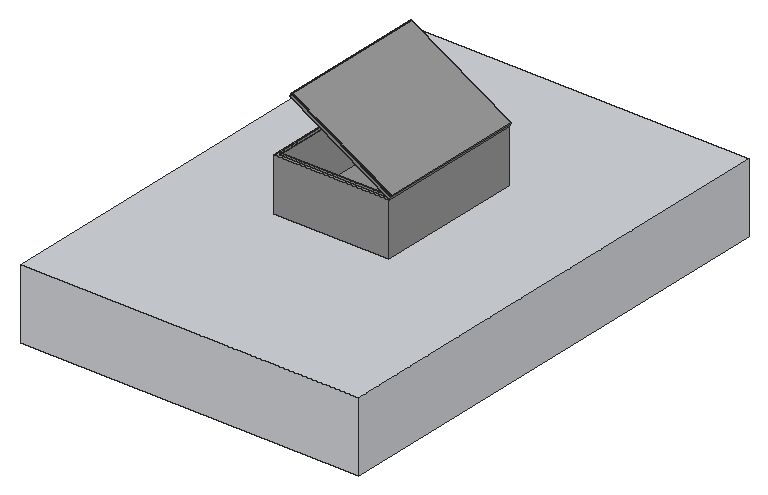
Revit family "Hager-Orion_Inox-IP65-D250-Cl.I-Inox_encl-630A-650mm-IT-it", category Equipement électrique, Revit 2020
Family settings
  Hôte = Face
  Configuration du panneau = Deux colonnes, circuits au sein
  Cote de connecteur circulaire = Utiliser le diamètre
  Type d'élément = Tableau de raccordement
  Couper avec des vides une fois chargée = Non
  Partagée = Non
  Point de calcul de pièce = Non
Parameters (values of type "incassato IP65 L500 A650 P250  - FL721BW")
  Width Control [instance] = if([EF000008 - Larghezza] > Min Width, [EF000008 - Larghezza], Min Width)  # 500 mm
  Commentaires du type = [HG000003 - Gamma]  # "Orion Inox"
  Thickness Door [instance] = if([EF009171 - spessore materiale porta/coperchio] > 3 mm, 3 mm, [EF009171 - spessore materiale porta/coperchio])  # 1.5 mm
  Seal Frame Offset [instance] = 17 mm  # constant formula
  Model = ""
  Min Width [instance] = 100 mm  # constant formula
  Min Height [instance] = 100 mm  # constant formula
  Min Depth [instance] = (2 * [EF009170 - spessore materiale scatola]) + 1 mm  # 3.4 mm
  Internal Frame Depth [instance] = (Door System Depth * 0.5)  # 9 mm
  Height Control [instance] = if([EF000040 - Altezza] > Min Height, [EF000040 - Altezza], Min Height)  # 650 mm
  HG000027 - Altezza dello zoccolo = 0 mm
  HG000026 - A pavimento = no
  HG000024 - Altezza della sezione inferiore = 800 mm
  HG000023 - Custodia a doppia sezione = no
  HG000016 - Visibilità delle porte nella vista 3D [instance] = yes
  HG000015 - Visibilità attraverso la porta [instance] = no
  HG000014 - Porta destra [instance] = yes
  HG000013 - Porta sinistra [instance] = not([HG000014 - Porta destra])  # no
  HG000012 - Angolo di apertura della porta [instance] = 30.00°
  HG000010 - Porte asimmetriche = no
  HG000009 - Porta doppia a battente = no
  HG000006 - Ad incasso = yes
  HG000004 - Codice produttore = "FL721BW"
  HG000003 - Gamma = "Orion Inox"
  HG000002 - Con porta = yes
  Frame Offset Bottom [instance] = 10 mm  # constant formula
  Frame Offset [instance] = 15 mm  # constant formula
  EF015940 - Coprire con rilascio di sovrapressione = no
  EF011959 - tipo di protezione (NEMA) = ""
  EF009554 - numero delle aperture per la piastra della flangia = 2
  Fabricant = "Hager"  # constant formula
  EF009212 - esecuzione coperchio = "EV009916 - con taglio"
  EF009171 - spessore materiale porta/coperchio = 1.5 mm
  EF009170 - spessore materiale scatola = 1.2 mm
  EF008873 - corrente nominale (In) = 630 A
  EF007800 - adatto per parafulmine = no
  EF006306 - con serratura = yes
  EF006244 - coperchio/porta trasparente = no
  EF005474 - grado di protezione (IP) = "EV006421 - IP65"
  EF004464 - tipo di porta = "EV002646 - singolo"
  EF004427 - numero di moduli = 0
  EF004293 - resistenza agli urti = "EV008784 - IK10"
  EF003532 - adatto per uso esterno = yes
  EF002950 - Numero moduli DIN = 0
  EF001613 - Integrità del circuito = ""
  EF001596 - Attacco Lampada = "EV000166 - acciaio inossidabile"
  EF001131 - profondità interna = 250 mm
  EF001088 - possibilità di applicazione = no
  EF000437 - numero di ingressi per conduttori = 2
  EF000339 - tipo di copertura = "EV004216 - porta"
  EF000266 - numero di file = 0
  EF000218 - profondità di incasso = 0 mm
  EF000118 - con piastra di montaggio = yes
  EF000116 - numero RAL = ""
  EF000049 - profondità = 250 mm
  EF000040 - Altezza = 650 mm
  EF000008 - Larghezza = 500 mm
  EF000007 - colore = "EV000154 - altri"
  EF000003 - Tipo di montaggio = "EV001247 - apparente/incassato"
  Door System Leaf Tolerance [instance] = 1.5 mm  # constant formula
  Door System Depth [instance] = 18 mm  # constant formula
  Depth Control [instance] = if([EF000049 - profondità] > Min Depth, [EF000049 - profondità], Min Depth)  # 250 mm
  Default Elevation = 0 mm
Types (2, lengths in mm): name | HG000006 - Ad incasso
  apparente IP65 L500 A650 P250  - FL721BW | no
  incassato IP65 L500 A650 P250  - FL721BW | yes
Reference planes
  plane 1 "Center (Front/Back)": y = 0
  plane 2: z = 0
  plane 3 "Center (Left/Right)": x = 0
  plane 4: z = 250
  plane 5: y = 1.2
  plane 6: y = 325
  plane 7: y = 0
  plane 8: y = 650
  plane 9: z = 0
  plane 10: x = -235
  plane 11: x = 235
  plane 12: x = 233.8
  plane 13: x = -233.8
  plane 14: y = 648.8
  plane 15: x = -233
  plane 16: x = -250
  plane 17: x = 233
  plane 18: x = 250
  plane 19: x = 248.8
  plane 20: x = -248.8
  plane 21: y = 11.2
  plane 22: y = 650
  plane 23: y = 633.8
  plane 24: z = 232
  plane 25: z = 1.2
  plane 26: z = 230.8
  plane 27: z = 248.8
Forms (mm)
  Extrusion 1, solid
    sketch origin (0, 0, 0) x (1, 0, 0) y (0, 1, 0)
      loop
        line (-702.964, 1305) -> (-702.964, -811.445) -> (766.763, -811.445) -> (766.763, 1305) -> (-702.964, 1305)
    from 0 to -304.8
  Extrusion 2, solid, material "Hager_Stainless_Steel", detail levels medium+fine
    sketch origin (0, 0, 0) x (1, 0, 0) y (0, 1, 0)
      loop
        line (-250, 0) -> (250, 0) -> (250, 650) -> (-250, 650) -> (-250, 0)
    from 0 to 232
  Extrusion 3, solid, material "Hager_Steel_RAL 7035_Light_Grey", not visible, detail levels medium+fine
    sketch origin (0, 28.16, 50.802) x (0, 1, 0) y (0, 0, 1)
      loop
        line (348.34, -50.802) -> (348.34, 187.998)
        arc (348.34, 187.998) -> (345.411, 195.069) -> (338.34, 197.998) r 10
        line (338.34, 197.998) -> (308.34, 197.998) -> (308.34, -50.802) -> (348.34, -50.802)
    from -248.8 to 248.8
  Extrusion 4, void
    sketch origin (0, 0, 0) x (1, 0, 0) y (0, 1, 0)
      loop
        line (-248.8, 1.2) -> (248.8, 1.2) -> (248.8, 648.8) -> (-248.8, 648.8) -> (-248.8, 1.2)
    from 1.2 to 230.8
  Extrusion 5, void
    sketch origin (-381.607, -4572, 232) x (0, -1, 0) y (-1, 0, 0)
      loop
        line (-4583.2, -147.807) -> (-5205.8, -147.807) -> (-5205.8, -615.407) -> (-4583.2, -615.407) -> (-4583.2, -147.807)
    from 0 to 1.2 <- "EF009170 - spessore materiale scatola"
  Extrusion 6, solid, material "Hager_Stainless_Steel", detail levels fine
    sketch origin (-381.607, -4572, 232) x (-1, 0, 0) y (0, -1, 0)
      loop
        line (-147.807, -4583.2) -> (-615.407, -4583.2) -> (-615.407, -5205.8) -> (-147.807, -5205.8) -> (-147.807, -4583.2)
      loop
        line (-147.107, -4581.7) -> (-616.107, -4581.7) -> (-616.107, -5207.3) -> (-147.107, -5207.3) -> (-147.107, -4581.7)
    from 0 to 9 <- "Internal Frame Depth"
  Extrusion 7, solid, material "Hager_Stainless_Steel", detail levels coarse
    sketch origin (0, 0, 0) x (1, 0, 0) y (0, 1, 0)
      loop
        line (-250, 0) -> (250, 0) -> (250, 650) -> (-250, 650) -> (-250, 0)
    from 0 to 250
Cuts and joins
  Extrusion 4, Extrusion 5 cuts Extrusion 2
Lines and regions (mm)
  Masking region 1
    outline origin (0, 0, 0) x (1, 0, 0) y (0, 0, 1)
      loop
        line (-250, 250) -> (-250, 0) -> (250, 0) -> (250, 250) -> (-250, 250)
  Masking region 2, detail levels medium+fine
    outline origin (0, 140, 0) x (0, 1, 0) y (0, 0, 1)
      loop
        line (-140, 0) -> (510, 0) -> (510, 232) -> (-140, 232) -> (-140, 0)
  Masking region 3, not visible, detail levels medium+fine
    outline origin (0, 297.922, 0) x (0, 1, 0) y (0, 0, 1)
      loop
        line (38.578, 0) -> (78.578, 0) -> (78.578, 238.8)
        arc (78.578, 238.8) -> (75.649, 245.871) -> (68.578, 248.8) r 10
        line (68.578, 248.8) -> (38.578, 248.8) -> (38.578, 0)
  Masking region 4, detail levels coarse
    outline origin (0, 0, 180) x (0, 1, 0) y (0, 0, 1)
      loop
        line (0, -180) -> (650, -180) -> (650, 70) -> (0, 70) -> (0, -180)
  Masking region 5
    outline origin (-381.607, -4572, 232) x (-1, 0, 0) y (0, -1, 0)
      loop
        line (-131.607, -5222) -> (-131.607, -4572) -> (-631.607, -4572) -> (-631.607, -5222) -> (-131.607, -5222)
Dimensions and locks
  "Depth Control": plane 4 to Extrusion 1
  "EF009170 - spessore materiale scatola": plane 5 to plane 7
  locked: connector elem to plane 3 "Center (Left/Right)"
  equal spacing: plane 8, plane 6, plane 7
  locked: connector elem to plane 6
  "EF009170 - spessore materiale scatola": plane 8 to plane 14
  "EF009170 - spessore materiale scatola": plane 10 to plane 13
  "EF009170 - spessore materiale scatola": plane 12 to plane 11
  "Frame Offset": plane 20 to plane 13
  "Frame Offset": plane 12 to plane 19
  "EF009170 - spessore materiale scatola": plane 16 to plane 20
  "EF009170 - spessore materiale scatola": plane 19 to plane 18
  "Seal Frame Offset": plane 16 to plane 15
  "Seal Frame Offset": plane 17 to plane 18
  "Frame Offset Bottom": plane 21 to plane 5
  "Frame Offset": plane 14 to plane 23
  equal spacing: plane 16, plane 3 "Center (Left/Right)", plane 18
  "Width Control": plane 16 to plane 18
  "EF009170 - spessore materiale scatola": plane 4 to plane 27
  "EF009170 - spessore materiale scatola": plane 24 to plane 26
  "EF009170 - spessore materiale scatola": plane 25 to level
  "Door System Depth": plane 4 to plane 24
  "Height Control": plane 1 "Center (Front/Back)" to Extrusion 7 sketch curve
  "Height Control": Masking region 4 sketch curve to plane 1 "Center (Front/Back)"
  "Thickness Door": Extrusion 6 sketch curve to plane 15
  "Thickness Door": plane 21 to Extrusion 6 sketch curve
  "Thickness Door": plane 17 to Extrusion 6 sketch curve
  "Thickness Door": Extrusion 6 sketch curve to plane 23
  "Height Control": plane 1 "Center (Front/Back)" to plane 22
  radius of Masking region 3 sketch curve = 10 mm
  radius of Extrusion 3 sketch curve = 10 mm
  aligned and locked: plane 2 to Extrusion 1
  aligned and locked: level to Extrusion 1
  aligned and locked: level to Masking region 1 sketch curve
  aligned and locked: Masking region 1 sketch curve to plane 18
  aligned and locked: Masking region 1 sketch curve to plane 16
  aligned and locked: plane 7 to Masking region 2 sketch curve
  aligned and locked: level to Masking region 3 sketch curve
  aligned and locked: Masking region 3 sketch curve to plane 27
  aligned and locked: level to Masking region 2 sketch curve
  aligned and locked: Extrusion 2 sketch curve to plane 7
  aligned and locked: plane 16 to Extrusion 2 sketch curve
  aligned and locked: plane 18 to Extrusion 2 sketch curve
  aligned and locked: Extrusion 3 sketch curve to level
  aligned and locked: plane 27 to Extrusion 3 sketch curve
  aligned and locked: plane 20 to Extrusion 3
  aligned and locked: plane 19 to Extrusion 3
  aligned and locked: plane 20 to Extrusion 4 sketch curve
  aligned and locked: plane 19 to Extrusion 4 sketch curve
  aligned and locked: Extrusion 4 sketch curve to plane 5
  aligned and locked: Extrusion 4 to plane 25
  aligned and locked: plane 26 to Extrusion 4
  aligned and locked: plane 24 to Extrusion 2
  aligned and locked: Extrusion 5 sketch curve to plane 21
  aligned and locked: Extrusion 5 sketch curve to plane 13
  aligned and locked: Extrusion 5 sketch curve to plane 12
  aligned and locked: plane 18 to Extrusion 7 sketch curve
  aligned and locked: plane 1 "Center (Front/Back)" to Extrusion 7 sketch curve
  aligned and locked: plane 16 to Extrusion 7 sketch curve
  aligned and locked: plane 4 to Extrusion 7
  aligned and locked: Extrusion 7 to level
  aligned and locked: level to Masking region 4 sketch curve
  aligned and locked: Masking region 4 sketch curve to plane 1 "Center (Front/Back)"
  aligned and locked: Masking region 4 sketch curve to plane 4
  aligned and locked: nested 1 to level
  aligned and locked: nested 1 to plane 16
  aligned and locked: plane 8 to Extrusion 2 sketch curve
  aligned and locked: plane 23 to Extrusion 5 sketch curve
  aligned and locked: plane 14 to Extrusion 4 sketch curve
  aligned and locked: Extrusion 6 sketch curve to plane 21
  aligned and locked: plane 13 to Extrusion 6 sketch curve
  aligned and locked: plane 23 to Extrusion 6 sketch curve
  aligned and locked: plane 12 to Extrusion 6 sketch curve
  aligned and locked: Masking region 2 sketch curve to plane 8
  aligned and locked: Masking region 2 sketch curve to plane 24
  aligned and locked: nested 2 to plane 3 "Center (Left/Right)"
  aligned and locked: nested 2 to plane 24
  aligned and locked: Masking region 5 sketch curve to plane 1 "Center (Front/Back)"
  aligned and locked: Masking region 5 sketch curve to plane 18
  aligned and locked: Masking region 5 sketch curve to plane 22
  aligned and locked: Masking region 5 sketch curve to plane 16
  aligned and locked: plane 8 to plane 22
  aligned and locked: plane 7 to plane 1 "Center (Front/Back)"
  aligned and locked: nested 2 to plane 1 "Center (Front/Back)"
Automatic sketch dimensions
  Extrusion 1 sketch curve to Extrusion 1 sketch curve = 1469.727 mm
  Extrusion 1 sketch curve to Extrusion 1 sketch curve = 2116.445 mm
  plane 6 to Masking region 3 sketch curve = 11.5 mm
  Masking region 3 sketch curve to Masking region 3 sketch curve = 30 mm
  plane 6 to Extrusion 3 sketch curve = 11.5 mm
  Extrusion 3 sketch curve to Extrusion 3 sketch curve = 30 mm
  Masking region 1 sketch curve to plane 4 = 0 mm
Nested families
  nested 1: "Hager_Enclosure_Symbol" at (-250, 0, 0) x (1, 0, 0) z (0, -1, 0), Height <- "Depth Control", Width <- "Width Control", type "Hager_Enclosure_Symbol"
    with Width_Ctrl 500 mm, Width 500 mm, Height_Ctrl 250 mm, Height 250 mm, A_Width_Int 16.406 mm, A_Width 196.875 mm, A_Height_Ctrl 218.75 mm, A_Height 218.75 mm
  nested 2: "EC000058_OrionInox_Door" at (0, 650, 232) x (1, 0, 0) z (0, -1, 0), Leaf_Tolerance <- "Door System Leaf Tolerance", Angle <- "HG000012 - Angolo di apertura della porta", Door_Depth <- "Door System Depth", Door_Left <- "HG000013 - Porta sinistra", Transparent <- "EF006244 - coperchio/porta trasparente", Assymetrical <- "HG000010 - Porte asimmetriche", Width <- "Width Control", Clearance <- "HG000015 - Visibilità attraverso la porta", Double <- "HG000009 - Porta doppia a battente", 3d_Door <- "HG000016 - Visibilità delle porte nella vista 3D", Width_Ctrl <- "Width Control", Door_Right <- "HG000014 - Porta destra", Door <- "HG000002 - Con porta", Height <- "Height Control", Thickness <- "Thickness Door", type "EC000058_OrionInox_Door", detail levels medium+fine
    with min_wh 4 mm, Width_Ctrl 500 mm, Width 500 mm, Transparent no, Thickness 1.5 mm, Seal_Material Hager_Rubber, Leaf_Width 500 mm, Leaf_Tolerance_External_Sides 0 mm, Leaf_Tolerance 1.5 mm, Leaf_Offset 0 mm, Leaf_Height 647 mm, Leaf_2_Width 500 mm, Leaf_2_Offset 250 mm, Leaf_1_Width 500 mm, Leaf_1_Offset 250 mm, Height_Ctrl 650 mm, Height 650 mm, Glass_Material Hager_Glass, Double_Clearance_Ctrl no, Double no, Door_Right_Ctrl yes, Door_Right yes, Door_Material Hager_Stainless_Steel, Door_Left_Ctrl no, Door_Left no, Door_Depth 18 mm, Door yes, Clearance_Material Hager_Clearance, Clearance_Depth 500 mm, Clearance_Ctrl no, Clearance no, Assymetrical no, Angle 30.00°, 3d_Door yes
Connectors
  electrical at (0, 325, 0)
    settings: on plane 9, index 1, voltage 0 V, apparent load 0 VA, apparent load phase1 0 VA, apparent load phase2 0 VA, apparent load phase3 0 VA, power factor 1, load classification "Other", number of poles 1, system type 30, power factor state 1, is connector primary yes, connector utility no, sub classification motor no, connector description ""
Definition of nested family "EC000058_OrionInox_Door"
  Parameters (values of type "EC000058_OrionInox_Door")
    min_wh [instance] = (2 * Thickness) + 1 mm  # 11 mm
    Width_Ctrl [instance] = 400 mm
    Width [instance] = 500 mm
    Transparent [instance] = yes
    Thickness [instance] = 5 mm
    Seal_Material [instance] = none
    Leaf_Width [instance] = if((Width_Ctrl - 2 * Leaf_Tolerance_External_Sides) > 0 mm, (Width_Ctrl - 2 * Leaf_Tolerance_External_Sides), min_wh)  # 400 mm
    Leaf_Tolerance_External_Sides [instance] = 0 mm  # constant formula
    Leaf_Tolerance [instance] = 1.5 mm
    Leaf_Offset [instance] = 0 mm  # constant formula
    Leaf_Height [instance] = if((Height_Ctrl - 2 * Leaf_Tolerance) > 0 mm, (Height_Ctrl - 2 * Leaf_Tolerance), min_wh)  # 497 mm
    Leaf_2_Width [instance] = if(and(and(Double, Assymetrical), Door_Left), (Leaf_Width / 3) - (Leaf_Tolerance / 2), if(and(and(Double, Assymetrical), Door_Right), (Leaf_Width / 3) * 2 - (Leaf_Tolerance / 2), if(and(Double, not(Assymetrical)), (Leaf_Width / 2) - Leaf_Tolerance, Leaf_Width)))  # 400 mm
    Leaf_2_Offset [instance] = if(and(Double, Assymetrical), Leaf_2_Width / 2, if(and(Double, not(Assymetrical)), Leaf_Width / 4, Leaf_Width / 2))  # 200 mm
    Leaf_1_Width [instance] = if(and(and(Double, Assymetrical), Door_Right), (Leaf_Width / 3) - (Leaf_Tolerance / 2), if(and(and(Double, Assymetrical), Door_Left), (Width / 3) * 2 - (Leaf_Tolerance / 2), if(and(Double, not(Assymetrical)), (Leaf_Width / 2) - Leaf_Tolerance, Leaf_Width)))  # 400 mm
    Leaf_1_Offset [instance] = if(and(Double, Assymetrical), Leaf_1_Width / 2, if(and(Double, not(Assymetrical)), Leaf_Width / 4, Leaf_Width / 2))  # 200 mm
    Height_Ctrl [instance] = if(Height > min_wh, Height, min_wh)  # 500 mm
    Height [instance] = 500 mm
    Glass_Material [instance] = none
    Double_Clearance_Ctrl [instance] = and(Double, Clearance)  # no
    Double [instance] = no
    Door_Right_Ctrl [instance] = and(or(Door_Right, Double), Door)  # yes
    Door_Right [instance] = yes
    Door_Material [instance] = none
    Door_Left_Ctrl [instance] = and(or(Door_Left, Double), Door)  # no
    Door_Left [instance] = no
    Door_Depth [instance] = 30 mm
    Door [instance] = yes
    Default Elevation = 1219.2 mm
    Clearance_Material [instance] = none
    Clearance_Depth [instance] = if(Leaf_1_Width > Leaf_2_Width, Leaf_1_Width, Leaf_2_Width)  # 400 mm
    Clearance_Ctrl [instance] = and(not(Double), Clearance)  # yes
    Clearance [instance] = yes
    Assymetrical [instance] = yes
    Angle [instance] = 30.00°
    3d_Door [instance] = yes
  Reference planes
    plane 1 "Center (Front/Back)": y = 0
    plane 2 "Bottom": z = 0
    plane 3 "Center (Left/Right)": x = 0
    plane 4: z = 500
    plane 5: x = -200
    plane 6: x = 200
    plane 7: z = 500
    plane 8: x = -200
    plane 9: z = 0
    plane 10: x = 200
    plane 11: y = 0
    plane 12: z = 1.5
    plane 13: x = -600
    plane 14: y = -400
    plane 15: x = 600
    plane 16: x = 0
    plane 17: x = 0
    plane 18: x = -200
    plane 19: x = 200
    plane 20: z = 498.5
  Forms (mm)
    Extrusion 1, solid, material <- "Clearance_Material", visible <- "Double_Clearance_Ctrl"
      sketch origin (1200, 0, 0) x (1, 0, 0) y (0, 0, -1)
        loop
          line (-1800, -498.5) -> (-600, -498.5) -> (-600, 0) -> (-1800, 0) -> (-1800, -498.5)
      from 0 to -400
  Dimensions and locks
    equal spacing: plane 5, plane 3 "Center (Left/Right)", plane 6
    "Width_Ctrl": plane 5 to plane 6
    "Leaf_Offset": plane 5 to plane 8
    "Leaf_Offset": plane 6 to plane 10
    "Leaf_Offset": plane 9 to level
    "Leaf_Offset": plane 4 to plane 7
    "Height_Ctrl": plane 4 to level
    "Leaf_Tolerance": plane 12 to plane 9
    locked: plane 11 to plane 1 "Center (Front/Back)"
    "Leaf_1_Offset": plane 18 to plane 16
    "Leaf_2_Offset": plane 17 to plane 19
    "Leaf_1_Width": plane 13 to plane 8
    "Leaf_2_Width": plane 10 to plane 15
    "Clearance_Depth": plane 14 to plane 1 "Center (Front/Back)"
    "Leaf_Tolerance_External_Sides": plane 8 to plane 18
    "Leaf_Tolerance_External_Sides": plane 19 to plane 10
    "Leaf_Tolerance": plane 7 to plane 20
    aligned and locked: level to plane 2 "Bottom"
    aligned and locked: nested 1 to plane 16
    aligned and locked: nested 2 to plane 17
    aligned and locked: Extrusion 1 to plane 13
    aligned and locked: plane 15 to Extrusion 1
    aligned and locked: Extrusion 1 to plane 14
    aligned and locked: plane 12 to nested 1
    aligned and locked: nested 2 to plane 12
    aligned and locked: Extrusion 1 to plane 11
    aligned and locked: plane 20 to Extrusion 1
    aligned and locked: nested 2 to plane 11
    aligned and locked: nested 1 to plane 11
  Automatic sketch dimensions
    Extrusion 1 sketch curve to level = 0 mm
    plane 5 to Extrusion 1 sketch curve = 400 mm
    plane 6 to Extrusion 1 sketch curve = 400 mm
    Extrusion 1 sketch curve to plane 4 = 1.5 mm
  Nested families
    nested 1: "EC000058_OrionInox_Door_Leaf" at (0, 0, 1.5), Width <- "Leaf_1_Width", visible <- "Door_Left_Ctrl", Leaf_Height <- "Leaf_Height", Angle <- "Angle", 3d_Door <- "3d_Door", Transparent <- "Transparent", Clearance Material <- "Clearance_Material", Clearance <- "Clearance_Ctrl", Door_Material <- "Door_Material", Glass_Material <- "Glass_Material", Door_Depth <- "Door_Depth", Seal_Material <- "Seal_Material", Thickness <- "Thickness", type "EC000058_OrionInox_Door_Leaf"
      with Width 400 mm, Transparent_Ctrl yes, Transparent yes, Thickness 5 mm, Standard no, Seal_Material none, Seal_D2 8 mm, Seal_D1 1 mm, Offset_Internal_Frame 10 mm, Lock_Width 28 mm, Lock_Thickness 2 mm, Lock_Radius 6 mm, Leaf_Height 497 mm, Internal_Seal_Thickness 8 mm, Internal_Seal_Depth_2 4.5 mm, Internal_Frame_Depth 25 mm, Glass_Thickness -1 mm, Glass_Offset -2 mm, Glass_Material none, Door_Material none, Door_Depth 30 mm, Clearance Material none, Clearance yes, Angle_Ctrl 30.00°, Angle 30.00°, 3d_Door yes
    nested 2: "EC000058_OrionInox_Door_Leaf" at (0, 0, 1.5) x (-1, 0, 0) z (0, 0, 1), Width <- "Leaf_2_Width", visible <- "Door_Right_Ctrl", Leaf_Height <- "Leaf_Height", Angle <- "Angle", 3d_Door <- "3d_Door", Transparent <- "Transparent", Clearance Material <- "Clearance_Material", Clearance <- "Clearance_Ctrl", Door_Material <- "Door_Material", Glass_Material <- "Glass_Material", Door_Depth <- "Door_Depth", Seal_Material <- "Seal_Material", Thickness <- "Thickness", type "EC000058_OrionInox_Door_Leaf"
      with Width 400 mm, Transparent_Ctrl yes, Transparent yes, Thickness 5 mm, Standard no, Seal_Material none, Seal_D2 8 mm, Seal_D1 1 mm, Offset_Internal_Frame 10 mm, Lock_Width 28 mm, Lock_Thickness 2 mm, Lock_Radius 6 mm, Leaf_Height 497 mm, Internal_Seal_Thickness 8 mm, Internal_Seal_Depth_2 4.5 mm, Internal_Frame_Depth 25 mm, Glass_Thickness -1 mm, Glass_Offset -2 mm, Glass_Material none, Door_Material none, Door_Depth 30 mm, Clearance Material none, Clearance yes, Angle_Ctrl 30.00°, Angle 30.00°, 3d_Door yes
  Definition of nested family "EC000058_OrionInox_Door_Leaf"
    Parameters (values of type "EC000058_OrionInox_Door_Leaf")
      Width [instance] = 450 mm
      Transparent_Ctrl [instance] = and(Transparent, [3d_Door])  # yes
      Transparent [instance] = yes
      Thickness [instance] = 5 mm
      Standard [instance] = and(not(Transparent), [3d_Door])  # no
      Seal_Material [instance] = none
      Seal_D2 [instance] = 8 mm  # constant formula
      Seal_D1 [instance] = 1 mm  # constant formula
      Offset_Internal_Frame [instance] = 10 mm  # constant formula
      Lock_Width [instance] = Door_Depth - Lock_Thickness  # 28 mm
      Lock_Thickness [instance] = 2 mm  # constant formula
      Lock_Radius [instance] = 6 mm  # constant formula
      Leaf_Height [instance] = 450 mm
      Internal_Seal_Thickness [instance] = 8 mm  # constant formula
      Internal_Seal_Depth_2 [instance] = 4.5 mm  # constant formula
      Internal_Frame_Depth [instance] = if(Door_Depth - Thickness > 5 mm, Door_Depth - Thickness, 5 mm)  # 25 mm
      Glass_Thickness [instance] = if(Thickness > 15 mm, Glass_Offset + 10 mm, -1 mm)  # -1 mm
      Glass_Offset [instance] = if(Thickness > 15 mm, -(Thickness + 10 mm) / 2, -2 mm)  # -2 mm
      Glass_Material [instance] = none
      Door_Material [instance] = none
      Door_Depth [instance] = 30 mm
      Default Elevation = 0 mm
      Clearance Material [instance] = none
      Clearance [instance] = yes
      Angle_Ctrl [instance] = if(Angle > 180.00°, 180.00°, Angle)  # 90.00°
      Angle [instance] = 90.00°
      3d_Door [instance] = yes
    Reference planes
      plane 1 "Center (Front/Back)": y = 0
      plane 2: z = 0
      plane 3 "Center (Left/Right)": x = 0
      plane 4: y = 450
      plane 5: x = -225
      plane 6: x = 225
      plane 7: x = -675
      plane 8: z = 450
      plane 9: z = 30
      plane 10: z = 420
      plane 11: x = 195
      plane 12: x = -195
      plane 13: y = -3
      plane 14: z = 107.833
      plane 15: y = -5
      plane 16: y = -223.314
      plane 17: x = -225
      plane 18: y = 30
    Forms (mm)
      Extrusion 1, solid, material <- "Clearance Material", visible <- "Clearance"
        sketch origin (0, 0, 0) x (1, 0, 0) y (0, 0, 1)
          loop
            line (-675, 450) -> (-675, 0) -> (225, 0) -> (225, 450) -> (-675, 450)
        from 0 to -450
      Extrusion 2, solid, material <- "Door_Material", visible <- "Standard", detail levels medium+fine
        sketch origin (-225, 0, 0) x (0, 1, 0) y (-1, 0, 0)
          loop
            line (0, 30) -> (0, 25) -> (450, 25) -> (450, 30) -> (0, 30)
        from 0 to 450 <- "Leaf_Height"
      Extrusion 3, solid, material <- "Door_Material", visible <- "Transparent_Ctrl", detail levels medium+fine
        sketch origin (-225, 0, 0) x (0, 1, 0) y (-1, 0, 0)
          loop
            line (0, 25) -> (450, 25) -> (450, 30) -> (0, 30) -> (0, 25)
        from 0 to 450 <- "Leaf_Height"
      Extrusion 4, void
        sketch origin (-250, 450, 0) x (0, 1, 0) y (0, 0, -1)
          loop
            line (-30, -420) -> (-30, -30) -> (-420, -30) -> (-420, -420) -> (-30, -420)
        from 0 to 5 <- "Thickness"
      Sweep 5, solid, material <- "Seal_Material", visible <- "Transparent_Ctrl", detail levels fine
        path in 3D
          loop
            line (-250, 30, 30) -> (-250, 30, 420) -> (-250, 420, 420) -> (-250, 420, 30) -> (-250, 30, 30)
        profile origin (-250, 225, 30) x (1, 0, 0) y (0, 0, 1)
          loop
            line (0, 0) -> (0, -8) -> (1, -8) -> (1, 0) -> (0, 0)
      Extrusion 6, solid, material <- "Glass_Material", visible <- "Transparent_Ctrl", detail levels medium+fine
        sketch origin (-255, 0, 0) x (0, 1, 0) y (0, 0, -1)
          loop
            line (420, -420) -> (420, -30) -> (30, -30) -> (30, -420) -> (420, -420)
        from -2 <- "Glass_Offset" to -1 <- "Glass_Thickness"
      Extrusion 7, solid, material <- "Door_Material", visible <- "3d_Door", detail levels medium+fine
        sketch origin (-250, 450, 0) x (0, -1, 0) y (0, 0, -1)
          loop
            line (0, -450) -> (450, -450) -> (450, 0) -> (0, 0) -> (0, -450)
          loop
            line (445, -5) -> (5, -5) -> (5, -445) -> (445, -445) -> (445, -5)
        from 0 to 25 <- "Internal_Frame_Depth"
      Sweep 8, solid, material <- "Seal_Material", visible <- "Transparent_Ctrl", detail levels fine
        path in 3D
          loop
            line (-250, 0, 0) -> (-250, 450, 0) -> (-250, 450, 450) -> (-250, 0, 450) -> (-250, 0, 0)
        profile origin (-250, 0, 225) x (1, 0, 0) y (0, 1, 0)
          loop
            line (0, 10) -> (2.975, 10)
            arc (2.975, 10) -> (4.053, 10.447) -> (4.5, 11.525) r 1.525
            line (4.5, 11.525) -> (4.5, 16.527)
            arc (4.5, 16.527) -> (4.069, 17.569) -> (3.027, 18) r 1.473
            line (3.027, 18) -> (0, 18) -> (0, 10)
    Cuts and joins
      Extrusion 4 cuts Extrusion 3
    Lines and regions (mm)
      Masking region 1, detail levels medium+fine
        outline origin (0, 0, 0) x (0, 1, 0) y (0, 0, 1)
          loop
            line (0, 0) -> (30, 0) -> (30, 450) -> (0, 450) -> (0, 0)
      Masking region 2, detail levels medium+fine
        outline origin (0, 0, 0) x (1, 0, 0) y (0, 0, 1)
          loop
            line (-225, 450) -> (-225, 0) -> (225, 0) -> (225, 450) -> (-225, 450)
      symbolic lines
        curve 1: line (225, 0, 0) -> (-675, 0, 0)
        curve 2: arc (225, 0, 0) -> (-225, 450, 0) -> (-675, 0, 0) r 450
        curve 4: line (-255, 0, 0) -> (-255, 450, 0)
      reference lines
        curve 3: line (-225, 0, 0) -> (-225, 450, 0)
      symbolic lines, detail levels medium+fine
        curve 5: line (-255, 450, 0) -> (-250, 450, 0)
        curve 7: line (-250, 0, 0) -> (-255, 0, 0)
        curve 8: line (-250, 0, 0) -> (-225, 0, 0)
        curve 9: line (-225, 0, 0) -> (-225, 450, 0)
        curve 10: line (-225, 450, 0) -> (-250, 450, 0)
      symbolic lines, detail levels fine
        curve 6: line (-250, 450, 0) -> (-250, 0, 0)
      sketch lines
        curve 11: line (-250, 0, 450) -> (-250, 0, 0)
        curve 12: line (-250, 450, 0) -> (-250, 0, 0)
        curve 13: line (-250, 450, 450) -> (-250, 450, 0)
        curve 14: line (-250, 0, 450) -> (-250, 450, 450)
        curve 15: line (-250, 420, 30) -> (-250, 30, 30)
        curve 16: line (-250, 30, 30) -> (-250, 30, 420)
        curve 17: line (-250, 420, 420) -> (-250, 420, 30)
        curve 18: line (-250, 30, 420) -> (-250, 420, 420)
      symbolic lines, visible <- "Transparent", detail levels medium+fine
        curve 19: line (-195, 0, 420) -> (195, 0, 420)
        curve 20: line (-195, 0, 30) -> (-195, 0, 420)
        curve 21: line (195, 0, 30) -> (-195, 0, 30)
        curve 22: line (195, 0, 420) -> (195, 0, 30)
    Dimensions and locks
      "Width": plane 1 "Center (Front/Back)" to plane 4
      equal spacing: plane 5, plane 3 "Center (Left/Right)", plane 6
      "Width": plane 5 to plane 6
      "Width": plane 7 to plane 5
      "Leaf_Height": plane 8 to level
      "Width": curve 5 to curve 3
      "Width": curve 3 to curve 3
      plane 8 to plane 10 = 30 mm
      plane 9 to level = 30 mm
      plane 12 to plane 5 = 30 mm
      plane 6 to plane 11 = 30 mm
      Extrusion 4 sketch curve to Extrusion 3 = 30 mm
      Extrusion 3 to Extrusion 4 sketch curve = 30 mm
      Extrusion 1 to Extrusion 4 sketch curve = 30 mm
      curve 3 to Extrusion 4 sketch curve = 30 mm
      Extrusion 4 sketch curve to cut or joined group of Extrusion 3, Extrusion 4 = 30 mm
      cut or joined group of Extrusion 3, Extrusion 4 to Extrusion 6 sketch curve = 30 mm
      cut or joined group of Extrusion 3, Extrusion 4 to Extrusion 4 sketch curve = 30 mm
      "Thickness": curve 6 to curve 4
      "Thickness": Extrusion 7 sketch curve to Extrusion 7 sketch curve  (x4)
      "Door_Depth": curve 4 to curve 3
      "Offset_Internal_Frame": profile plane to Sweep 8 sketch curve
      "Internal_Seal_Thickness": Sweep 8 sketch curve to Sweep 8 sketch curve
      "Internal_Seal_Depth_2": profile plane to Sweep 8 sketch curve
      "Seal_D1": profile plane to Sweep 5 sketch curve
      "Seal_D2": profile plane to Sweep 5 sketch curve
      "Thickness": Extrusion 2 sketch curve to Extrusion 2 sketch curve
      "Door_Depth": plane 18 to plane 1 "Center (Front/Back)"
      radius of Sweep 8 sketch curve = 1.525 mm
      radius of Sweep 8 sketch curve = 1.473 mm
      "Angle_Ctrl": angle plane 1 "Center (Front/Back)" to curve 3
      aligned and locked: level to plane 2
      aligned and locked: Extrusion 1 to curve 1
      aligned and locked: plane 6 to Extrusion 1
      aligned and locked: plane 1 "Center (Front/Back)" to Extrusion 1
      aligned and locked: plane 4 to Extrusion 1
      aligned and locked: plane 8 to Extrusion 1
      aligned and locked: curve 7 to Extrusion 2 sketch curve
      aligned and locked: curve 5 to Extrusion 2 sketch curve
      aligned and locked: curve 7 to Extrusion 3 sketch curve
      aligned and locked: Extrusion 3 sketch curve to curve 4
      aligned and locked: Extrusion 3 sketch curve to curve 6
      aligned and locked: Extrusion 3 sketch curve to curve 5
      aligned and locked: curve 9 to curve 3
      aligned and locked: Extrusion 7 sketch curve to cut or joined group of Extrusion 3, Extrusion 4  (x4)
      aligned and locked: plane 17 to curve 3
      aligned and locked: plane 1 "Center (Front/Back)" to curve 3
      aligned and locked: plane 17 to plane 5
      aligned and locked: Sweep 8 sketch curve to profile plane
      aligned and locked: Sweep 5 sketch curve to profile plane  (x2)
      aligned and locked: plane 1 "Center (Front/Back)" to Masking region 1 sketch curve
      aligned and locked: plane 18 to Masking region 1 sketch curve
      aligned and locked: level to Masking region 1 sketch curve
      aligned and locked: Masking region 1 sketch curve to plane 8
      aligned and locked: plane 17 to Masking region 2 sketch curve
      aligned and locked: level to Masking region 2 sketch curve
      aligned and locked: Masking region 2 sketch curve to plane 8
      aligned and locked: plane 12 to curve 20
      aligned and locked: plane 10 to curve 19
      aligned and locked: plane 11 to curve 22
      aligned and locked: plane 9 to curve 21
      aligned and locked: Extrusion 2 sketch curve to cut or joined group of Extrusion 3, Extrusion 4
    Automatic sketch dimensions
      plane 1 "Center (Front/Back)" to curve 2 = 0 mm
      curve 2 to plane 5 = 0 mm
      Extrusion 1 sketch curve to level = 0 mm
      Extrusion 1 sketch curve to plane 7 = 0 mm
      Extrusion 1 sketch curve to plane 6 = 0 mm
      Extrusion 1 sketch curve to plane 8 = 0 mm
      Extrusion 3 to Extrusion 6 sketch curve = 30 mm  (x4)
      Masking region 2 sketch curve to plane 6 = 0 mm
      curve 4 to curve 3 = 0 mm
Definition of nested family "Hager_Enclosure_Symbol"
  Parameters (values of type "Hager_Enclosure_Symbol")
    Width_Ctrl [instance] = if(Width > 1 mm, Width, 1 mm)  # 102.27 mm
    Width [instance] = 102.27 mm
    Height_Ctrl [instance] = if(Height > 1 mm, Height, 1 mm)  # 66.5 mm
    A_Width_Int [instance] = if(A_Width / 12 > 2 mm, A_Width / 12, 2 mm)  # 4.364 mm
    A_Width [instance] = if(A_Height_Ctrl * 0.9 > 2 mm, A_Height_Ctrl * 0.9, 2 mm)  # 52.369 mm
    A_Height_Ctrl [instance] = if(A_Height > 2 mm, A_Height, 2 mm)  # 58.188 mm
    Height [instance] = 66.5 mm
    A_Height [instance] = Height - (Height / 8)  # 58.188 mm
  Reference planes
    plane 1 "Centre (avant/arrière)": y = 0
    plane 2: z = 0
    plane 3 "Centre (gauche/droite)": x = 0
    plane 4: x = 52.369
    plane 5: y = 33.042
    plane 6: y = 41.77
    plane 7: y = 66.5
    plane 8: x = 26.184
    plane 9: y = 37.406
    plane 10: x = 102.27
    plane 11: y = 66.5
    plane 12: y = 8.313
  Lines and regions (mm)
    Filled region 1, type "Solid_Black", in view "Niveau de réf."
      outline origin (0, 0, 0) x (1, 0, 0) y (0, 1, 0)
        loop
          line (52.369, 66.5) -> (33.188, 54.536) -> (45.365, 45.006) -> (52.369, 66.5)
    Filled region 2, type "Solid_Black", in view "Niveau de réf."
      outline origin (0, 0, 0) x (1, 0, 0) y (0, 1, 0)
        loop
          line (0, 0) -> (102.27, 0) -> (102.27, 66.5) -> (0, 0)
    detail lines, in view "Niveau de réf."
      curve 1: line (0, 8.313, 0) -> (26.184, 41.77, 0)
      curve 2: line (26.184, 41.77, 0) -> (26.184, 33.042, 0)
      curve 3: line (26.184, 33.042, 0) -> (52.369, 66.5, 0)
  Dimensions and locks
    "A_Width": plane 3 "Centre (gauche/droite)" to plane 4
    equal spacing: plane 3 "Centre (gauche/droite)", plane 8, plane 4
    equal spacing: plane 6, plane 9, plane 5
    equal spacing: curve 3, Filled region 1 sketch curve, Filled region 1 sketch curve
    "Height_Ctrl": plane 1 "Centre (avant/arrière)" to plane 11
    "A_Height_Ctrl": plane 11 to plane 12
    equal spacing: plane 11, plane 9, plane 12
    "A_Width_Int": plane 6 to plane 9
    "Width_Ctrl": plane 3 "Centre (gauche/droite)" to plane 10
    angle Filled region 1 sketch curve to curve 3 = 20.00°
    angle curve 3 to Filled region 1 sketch curve = 20.00°
    locked: curve 3 to Filled region 1 sketch curve (angle 90.00°)
    aligned and locked: plane 10 to Filled region 2
    aligned and locked: plane 11 to Filled region 2 sketch curve
    aligned and locked: plane 10 to Filled region 2 sketch curve
    aligned and locked: plane 3 "Centre (gauche/droite)" to curve 1
    aligned and locked: plane 12 to curve 1
    aligned and locked: plane 7 to plane 11
  Automatic sketch dimensions
    Filled region 1 sketch curve to plane 4 = 0 mm
    Filled region 1 sketch curve to plane 7 = 0 mm
    plane 1 "Centre (avant/arrière)" to Filled region 2 sketch curve = 0 mm
    Filled region 2 sketch curve to plane 3 "Centre (gauche/droite)" = 0 mm
    curve 2 to plane 6 = 0 mm
    curve 2 to plane 8 = 0 mm
    curve 3 to plane 4 = 0 mm
    curve 2 to plane 5 = 0 mm
    curve 3 to plane 7 = 0 mm
